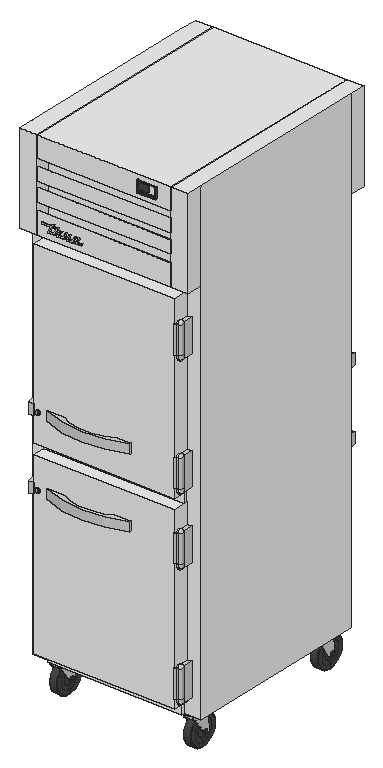
Revit family "QF_TRUE_STR1RPT-2HS-2HS-HC", category Specialty Equipment, Revit 2012 (continued)
Automatic sketch dimensions
  Extrusion 6 sketch curve to Extrusion 6 sketch curve = 0.01413"
  Extrusion 6 sketch curve to Extrusion 6 sketch curve = 0.37162"
  Extrusion 6 sketch curve to Extrusion 6 sketch curve = 0.12551"
  Extrusion 6 sketch curve to Extrusion 6 sketch curve = 0.07633"
  Extrusion 6 sketch curve to Extrusion 6 sketch curve = 0.08445"
  Extrusion 6 sketch curve to Extrusion 6 sketch curve = 0.25598"
  Extrusion 6 sketch curve to Extrusion 6 sketch curve = 0.01887"
  Extrusion 6 sketch curve to Extrusion 6 sketch curve = 0.04061"
  Extrusion 6 sketch curve to Extrusion 6 sketch curve = 0.0653"
  Extrusion 6 sketch curve to Extrusion 6 sketch curve = 0.08474"
  Extrusion 6 sketch curve to Extrusion 6 sketch curve = 0.00815"
  Extrusion 6 sketch curve to Extrusion 6 sketch curve = 0.22037"
  Extrusion 6 sketch curve to Extrusion 6 sketch curve = 0.21921"
  Extrusion 6 sketch curve to Extrusion 6 sketch curve = 0.11572"
  Extrusion 6 sketch curve to Extrusion 6 sketch curve = 0.46643"
  Extrusion 6 sketch curve to Extrusion 6 sketch curve = 0.00535"
  Extrusion 6 sketch curve to Extrusion 6 sketch curve = 0.09269"
  Extrusion 6 sketch curve to Extrusion 6 sketch curve = 0.09348"
  Extrusion 6 sketch curve to Extrusion 6 sketch curve = 0.14812"
  Extrusion 6 sketch curve to Extrusion 6 sketch curve = 0.07778"  (x3)
  Extrusion 6 sketch curve to Extrusion 6 sketch curve = 0.20054"
  Extrusion 6 sketch curve to Extrusion 6 sketch curve = 0.04325"
  Extrusion 6 sketch curve to Extrusion 6 sketch curve = 0.32433"
  Extrusion 6 sketch curve to Extrusion 6 sketch curve = 0.10233"  (x2)
  Extrusion 6 sketch curve to Extrusion 6 sketch curve = 0.16515"
  Extrusion 6 sketch curve to Extrusion 6 sketch curve = 0.27321"
  Extrusion 6 sketch curve to Extrusion 6 sketch curve = 0.0526"
  Extrusion 6 sketch curve to Extrusion 6 sketch curve = 0.10005"
  Extrusion 6 sketch curve to Extrusion 6 sketch curve = 0.06912"
  Extrusion 6 sketch curve to Extrusion 6 sketch curve = 0.13276"
  Extrusion 6 sketch curve to Extrusion 6 sketch curve = 0.17486"
  Extrusion 6 sketch curve to Extrusion 6 sketch curve = 0.05291"
  Extrusion 6 sketch curve to Extrusion 6 sketch curve = 0.53374"
  Extrusion 6 sketch curve to Extrusion 6 sketch curve = 0.09914"  (x2)
  Extrusion 6 sketch curve to Extrusion 6 sketch curve = 0.15992"
  Extrusion 6 sketch curve to Extrusion 6 sketch curve = 0.46666"
  Extrusion 6 sketch curve to Extrusion 6 sketch curve = 0.00582"
  Extrusion 6 sketch curve to Extrusion 6 sketch curve = 0.08216"
  Extrusion 6 sketch curve to Extrusion 6 sketch curve = 0.16397"
  Extrusion 6 sketch curve to Extrusion 6 sketch curve = 0.12601"
  Extrusion 6 sketch curve to Extrusion 6 sketch curve = 0.1363"
  Extrusion 6 sketch curve to Extrusion 6 sketch curve = 0.02323"
  Extrusion 6 sketch curve to Extrusion 6 sketch curve = 0.03844"
  Extrusion 6 sketch curve to Extrusion 6 sketch curve = 0.0454"
  Extrusion 6 sketch curve to Extrusion 6 sketch curve = 0.05693"
  Extrusion 6 sketch curve to Extrusion 6 sketch curve = 0.0917"
  Extrusion 6 sketch curve to Extrusion 6 sketch curve = 0.01902"
  Extrusion 6 sketch curve to Extrusion 6 sketch curve = 0.02191"
  Extrusion 6 sketch curve to Extrusion 6 sketch curve = 0.0347"
  Extrusion 6 sketch curve to Extrusion 6 sketch curve = 0.06385"
  Extrusion 6 sketch curve to Extrusion 6 sketch curve = 0.02906"
  Extrusion 6 sketch curve to Extrusion 6 sketch curve = 0.02851"
  Extrusion 6 sketch curve to Extrusion 6 sketch curve = 0.29237"
  Extrusion 6 sketch curve to Extrusion 6 sketch curve = 0.00537"
  Extrusion 6 sketch curve to Extrusion 6 sketch curve = 0.0406"
  Extrusion 6 sketch curve to Extrusion 6 sketch curve = 0.04327"
  Extrusion 6 sketch curve to Extrusion 6 sketch curve = 0.02615"
  Extrusion 6 sketch curve to Extrusion 6 sketch curve = 0.11806"
  Extrusion 6 sketch curve to Extrusion 6 sketch curve = 0.15103"
  Extrusion 6 sketch curve to Extrusion 6 sketch curve = 0.10007"
  Extrusion 6 sketch curve to Extrusion 6 sketch curve = 0.5254"
  Extrusion 6 sketch curve to Extrusion 6 sketch curve = 0.14787"
  Extrusion 6 sketch curve to plane 5 "TOP" = 13.64562"
  Extrusion 6 sketch curve to Extrusion 6 sketch curve = 0.07275"
  Extrusion 6 sketch curve to Extrusion 6 sketch curve = 0.05776"
  Extrusion 6 sketch curve to Extrusion 6 sketch curve = 0.08631"
  Extrusion 6 sketch curve to Extrusion 6 sketch curve = 0.09282"
  Extrusion 6 sketch curve to Extrusion 6 sketch curve = 0.13018"
  Extrusion 6 sketch curve to Extrusion 6 sketch curve = 0.16714"
  Extrusion 6 sketch curve to Extrusion 6 sketch curve = 0.11061"
  Extrusion 6 sketch curve to Extrusion 6 sketch curve = 0.06046"
  Extrusion 6 sketch curve to Extrusion 6 sketch curve = 0.16548"
  Extrusion 6 sketch curve to Extrusion 6 sketch curve = 0.14279"
  Extrusion 6 sketch curve to Extrusion 6 sketch curve = 0.0496"
  Extrusion 6 sketch curve to Extrusion 6 sketch curve = 0.07293"
  Extrusion 6 sketch curve to Extrusion 6 sketch curve = 0.07764"
  Extrusion 6 sketch curve to Extrusion 6 sketch curve = 0.03794"
  Extrusion 6 sketch curve to Extrusion 6 sketch curve = 0.08552"
  Extrusion 6 sketch curve to Extrusion 6 sketch curve = 0.09296"
  Extrusion 6 sketch curve to Extrusion 6 sketch curve = 0.09314"
  Extrusion 6 sketch curve to Extrusion 6 sketch curve = 0.02781"
  Extrusion 6 sketch curve to Extrusion 6 sketch curve = 0.04981"
  Extrusion 6 sketch curve to Extrusion 6 sketch curve = 0.09315"
  Extrusion 6 sketch curve to Extrusion 6 sketch curve = 0.04799"
  Extrusion 6 sketch curve to Extrusion 6 sketch curve = 0.02531"
  Extrusion 6 sketch curve to Extrusion 6 sketch curve = 0.03054"
  Extrusion 6 sketch curve to Extrusion 6 sketch curve = 0.2589"
  Extrusion 6 sketch curve to Extrusion 6 sketch curve = 0.0674"
  Extrusion 6 sketch curve to Extrusion 6 sketch curve = 0.0324"
  Extrusion 6 sketch curve to Extrusion 6 sketch curve = 0.26185"
  Extrusion 6 sketch curve to Extrusion 6 sketch curve = 11/256"
  Extrusion 6 sketch curve to Extrusion 6 sketch curve = 0.07366"
  Extrusion 6 sketch curve to Extrusion 6 sketch curve = 0.02187"
  Extrusion 6 sketch curve to Extrusion 6 sketch curve = 0.06479"
  Extrusion 6 sketch curve to Extrusion 6 sketch curve = 0.01183"
  Extrusion 6 sketch curve to Extrusion 6 sketch curve = 0.05778"
  Extrusion 6 sketch curve to Extrusion 6 sketch curve = 0.53375"
  Extrusion 6 sketch curve to Extrusion 6 sketch curve = 0.23098"
  Extrusion 6 sketch curve to Extrusion 6 sketch curve = 0"
  Extrusion 6 sketch curve to Extrusion 6 sketch curve = 0.05045"
  Extrusion 6 sketch curve to Extrusion 6 sketch curve = 0.09139"
  Extrusion 6 sketch curve to Extrusion 6 sketch curve = 29/128"  (x3)
  Extrusion 7 sketch curve to plane 3 "RIGHT" = 3 1/4"
  Extrusion 7 sketch curve to plane 5 "TOP" = 2 1/8"
  Revolve 8 sketch curve to plane 3 "RIGHT" = 4.35148"
  Revolve 8 sketch curve to Revolve 8 sketch curve = 0.48273"
  Revolve 8 sketch curve to Revolve 8 sketch curve = 0.4"
  Revolve 8 sketch curve to Revolve 8 sketch curve = 0"  (x2)
  Revolve 8 sketch curve to Revolve 8 sketch curve = 0.1"  (x2)
  Revolve 8 sketch curve to Revolve 8 sketch curve = 0.16101"
  Revolve 8 sketch curve to Revolve 8 sketch curve = 0.75408"
  Revolve 8 sketch curve to Revolve 8 sketch curve = 0.92798"
  Revolve 8 sketch curve to Revolve 8 sketch curve = 0.06101"
  Revolve 8 sketch curve to Revolve 8 sketch curve = 1/2"
  Revolve 8 sketch curve to Revolve 8 sketch curve = 0.16509"
  Revolve 8 sketch curve to Revolve 8 sketch curve = 0.39592"
  level to Revolve 8 sketch curve = 2 1/2"
  Revolve 8 sketch curve to Revolve 8 sketch curve = 0.29941"  (x2)
  Revolve 8 sketch curve to Revolve 8 sketch curve = 3/4"  (x4)
  Revolve 8 sketch curve to Revolve 8 sketch curve = 0.59652"
  Revolve 8 sketch curve to Revolve 8 sketch curve = 0.60059"
  Extrusion 9 sketch curve to plane 6 = 0.63926"  (x2)
  Extrusion 9 sketch curve to plane 4 "FRONT" = 3.79864"
  Extrusion 9 sketch curve to Extrusion 9 sketch curve = 1/4"  (x2)
  level to Extrusion 9 sketch curve = 2.18736"  (x2)
  Extrusion 9 sketch curve to Extrusion 9 sketch curve = 1.7492"  (x2)
  Extrusion 9 sketch curve to Extrusion 9 sketch curve = 0.50669"  (x2)
  Extrusion 9 sketch curve to Extrusion 9 sketch curve = 2 1/2"  (x2)
  level to Extrusion 9 sketch curve = 2.59003"  (x2)
  Extrusion 9 sketch curve to Extrusion 9 sketch curve = 0.59966"  (x2)
  plane 8 to Extrusion 9 sketch curve = 6.82645"
  Extrusion 9 sketch curve to Extrusion 9 sketch curve = 0.60485"  (x2)
  Extrusion 10 sketch curve to plane 6 = 0.63926"  (x2)
  Extrusion 10 sketch curve to plane 4 "FRONT" = 3.79864"
  Extrusion 10 sketch curve to Extrusion 10 sketch curve = 1/4"  (x2)
  level to Extrusion 10 sketch curve = 2.18736"  (x2)
  Extrusion 10 sketch curve to Extrusion 10 sketch curve = 1.7492"  (x2)
  Extrusion 10 sketch curve to Extrusion 10 sketch curve = 0.50669"  (x2)
  Extrusion 10 sketch curve to Extrusion 10 sketch curve = 2 1/2"  (x2)
  level to Extrusion 10 sketch curve = 2.59003"  (x2)
  Extrusion 10 sketch curve to Extrusion 10 sketch curve = 0.59966"  (x2)
  plane 8 to Extrusion 10 sketch curve = 6.82645"
  Extrusion 10 sketch curve to Extrusion 10 sketch curve = 0.60485"  (x2)
  Revolve 11 sketch curve to plane 6 = 0.62954"
  Revolve 11 sketch curve to plane 3 "RIGHT" = 4.14082"
  Revolve 11 sketch curve to Revolve 11 sketch curve = 1.29707"
  Revolve 11 sketch curve to Revolve 11 sketch curve = 0"
  Revolve 11 sketch curve to Revolve 11 sketch curve = 0.10278"
  Revolve 11 sketch curve to plane 6 = 0.00141"
  plane 6 to Revolve 11 sketch curve = 0.26768"
  Revolve 12 sketch curve to level = 0"
  Revolve 12 sketch curve to plane 6 = 0"
  Revolve 12 sketch curve to plane 3 "RIGHT" = 4.17713"
  level to Revolve 12 sketch curve = 1"
  Revolve 12 sketch curve to plane 3 "RIGHT" = 3 19/32"
  Revolve 12 sketch curve to Revolve 12 sketch curve = 1/4"
  Revolve 12 sketch curve to Revolve 12 sketch curve = 1/2"
  Revolve 12 sketch curve to Revolve 12 sketch curve = 0"
  Revolve 12 sketch curve to Revolve 12 sketch curve = 5/8"
  plane 6 to Revolve 12 sketch curve = 1 25/32"
  Revolve 13 sketch curve to level = 0"
  Revolve 13 sketch curve to plane 6 = 0"
  Revolve 13 sketch curve to plane 3 "RIGHT" = 4.17713"
  level to Revolve 13 sketch curve = 1"
  Revolve 13 sketch curve to plane 3 "RIGHT" = 3 19/32"
  Revolve 13 sketch curve to Revolve 13 sketch curve = 1/4"
  Revolve 13 sketch curve to Revolve 13 sketch curve = 1/2"
  Revolve 13 sketch curve to Revolve 13 sketch curve = 0"
  Revolve 13 sketch curve to Revolve 13 sketch curve = 5/8"
  plane 6 to Revolve 13 sketch curve = 1 25/32"
  Revolve 14 sketch curve to plane 6 = 0.62954"
  Revolve 14 sketch curve to plane 3 "RIGHT" = 4.14082"
  Revolve 14 sketch curve to Revolve 14 sketch curve = 1.29707"
  Revolve 14 sketch curve to Revolve 14 sketch curve = 0"
  Revolve 14 sketch curve to Revolve 14 sketch curve = 0.10278"
  Revolve 14 sketch curve to plane 6 = 0.00141"
  plane 6 to Revolve 14 sketch curve = 0.26768"
  Extrusion 15 sketch curve to plane 6 = 0.63926"  (x2)
  Extrusion 15 sketch curve to plane 4 "FRONT" = 3.79864"
  Extrusion 15 sketch curve to Extrusion 15 sketch curve = 1/4"  (x2)
  Extrusion 15 sketch curve to Extrusion 15 sketch curve = 2 1/2"  (x2)
  Extrusion 15 sketch curve to plane 6 = 0.93273"  (x2)
  Extrusion 15 sketch curve to Extrusion 15 sketch curve = 0.03603"
  plane 8 to Extrusion 15 sketch curve = 6.82645"
  Extrusion 15 sketch curve to plane 6 = 1.24411"
  plane 2 "LEFT" to Revolve 16 sketch curve = 1.33602"
  Revolve 16 sketch curve to Revolve 16 sketch curve = 0.48273"
  Revolve 16 sketch curve to Revolve 16 sketch curve = 0.4"
  Revolve 16 sketch curve to Revolve 16 sketch curve = 0"  (x2)
  Revolve 16 sketch curve to Revolve 16 sketch curve = 0.1"  (x2)
  Revolve 16 sketch curve to Revolve 16 sketch curve = 0.16101"
  Revolve 16 sketch curve to Revolve 16 sketch curve = 0.75408"
  Revolve 16 sketch curve to Revolve 16 sketch curve = 0.92798"
  Revolve 16 sketch curve to Revolve 16 sketch curve = 0.06101"
  Revolve 16 sketch curve to Revolve 16 sketch curve = 1/2"
  Revolve 16 sketch curve to Revolve 16 sketch curve = 0.16509"
  Revolve 16 sketch curve to Revolve 16 sketch curve = 0.39592"
  level to Revolve 16 sketch curve = 2 1/2"
  Revolve 16 sketch curve to Revolve 16 sketch curve = 0.29941"  (x2)
  Revolve 16 sketch curve to Revolve 16 sketch curve = 3/4"  (x4)
  Revolve 16 sketch curve to Revolve 16 sketch curve = 0.59652"
  Revolve 16 sketch curve to Revolve 16 sketch curve = 0.60059"
  Extrusion 17 sketch curve to plane 6 = 0.63926"  (x2)
  Extrusion 17 sketch curve to plane 4 "FRONT" = 3.79864"
  Extrusion 17 sketch curve to Extrusion 17 sketch curve = 1/4"  (x2)
  level to Extrusion 17 sketch curve = 2.18736"  (x2)
  Extrusion 17 sketch curve to Extrusion 17 sketch curve = 1.7492"  (x2)
  Extrusion 17 sketch curve to Extrusion 17 sketch curve = 0.50669"  (x2)
  Extrusion 17 sketch curve to Extrusion 17 sketch curve = 2 1/2"  (x2)
  level to Extrusion 17 sketch curve = 2.59003"  (x2)
  Extrusion 17 sketch curve to Extrusion 17 sketch curve = 0.59966"  (x2)
  plane 8 to Extrusion 17 sketch curve = 6.82645"
  Extrusion 17 sketch curve to Extrusion 17 sketch curve = 0.60485"  (x2)
  Extrusion 18 sketch curve to plane 6 = 0.63926"  (x2)
  Extrusion 18 sketch curve to plane 4 "FRONT" = 3.79864"
  Extrusion 18 sketch curve to Extrusion 18 sketch curve = 1/4"  (x2)
  level to Extrusion 18 sketch curve = 2.18736"  (x2)
  Extrusion 18 sketch curve to Extrusion 18 sketch curve = 1.7492"  (x2)
  Extrusion 18 sketch curve to Extrusion 18 sketch curve = 0.50669"  (x2)
  Extrusion 18 sketch curve to Extrusion 18 sketch curve = 2 1/2"  (x2)
  level to Extrusion 18 sketch curve = 2.59003"  (x2)
  Extrusion 18 sketch curve to Extrusion 18 sketch curve = 0.59966"  (x2)
  plane 8 to Extrusion 18 sketch curve = 6.82645"
  Extrusion 18 sketch curve to Extrusion 18 sketch curve = 0.60485"  (x2)
  Revolve 19 sketch curve to plane 6 = 0.62954"
  plane 2 "LEFT" to Revolve 19 sketch curve = 1.54668"
  Revolve 19 sketch curve to Revolve 19 sketch curve = 1.29707"
  Revolve 19 sketch curve to Revolve 19 sketch curve = 0"
  Revolve 19 sketch curve to Revolve 19 sketch curve = 0.10278"
  Revolve 19 sketch curve to plane 6 = 0.00141"
  plane 6 to Revolve 19 sketch curve = 0.26768"
  Revolve 20 sketch curve to level = 0"
  Revolve 20 sketch curve to plane 6 = 0"
  plane 2 "LEFT" to Revolve 20 sketch curve = 1.51037"
  level to Revolve 20 sketch curve = 1"
  plane 2 "LEFT" to Revolve 20 sketch curve = 2 3/32"
  Revolve 20 sketch curve to Revolve 20 sketch curve = 1/4"
  Revolve 20 sketch curve to Revolve 20 sketch curve = 1/2"
  Revolve 20 sketch curve to Revolve 20 sketch curve = 0"
  Revolve 20 sketch curve to Revolve 20 sketch curve = 5/8"
  plane 6 to Revolve 20 sketch curve = 1 25/32"
  Revolve 21 sketch curve to level = 0"
  Revolve 21 sketch curve to plane 6 = 0"
  plane 2 "LEFT" to Revolve 21 sketch curve = 1.51037"
  level to Revolve 21 sketch curve = 1"
  plane 2 "LEFT" to Revolve 21 sketch curve = 2 3/32"
  Revolve 21 sketch curve to Revolve 21 sketch curve = 1/4"
  Revolve 21 sketch curve to Revolve 21 sketch curve = 1/2"
  Revolve 21 sketch curve to Revolve 21 sketch curve = 0"
  Revolve 21 sketch curve to Revolve 21 sketch curve = 5/8"
  plane 6 to Revolve 21 sketch curve = 1 25/32"
  Revolve 22 sketch curve to plane 6 = 0.62954"
  plane 2 "LEFT" to Revolve 22 sketch curve = 1.54668"
  Revolve 22 sketch curve to Revolve 22 sketch curve = 1.29707"
  Revolve 22 sketch curve to Revolve 22 sketch curve = 0"
  Revolve 22 sketch curve to Revolve 22 sketch curve = 0.10278"
  Revolve 22 sketch curve to plane 6 = 0.00141"
  plane 6 to Revolve 22 sketch curve = 0.26768"
  Extrusion 23 sketch curve to plane 6 = 0.63926"  (x2)
  Extrusion 23 sketch curve to plane 4 "FRONT" = 3.79864"
  Extrusion 23 sketch curve to Extrusion 23 sketch curve = 1/4"  (x2)
  Extrusion 23 sketch curve to Extrusion 23 sketch curve = 2 1/2"  (x2)
  Extrusion 23 sketch curve to plane 6 = 0.93273"  (x2)
  Extrusion 23 sketch curve to Extrusion 23 sketch curve = 0.03603"
  plane 8 to Extrusion 23 sketch curve = 6.82645"
  Extrusion 23 sketch curve to plane 6 = 1.24411"
  Extrusion 24 sketch curve to plane 3 "RIGHT" = 2 55/64"
  Extrusion 24 sketch curve to plane 3 "RIGHT" = 3/64"
  plane 8 to Extrusion 24 sketch curve = 2 3/4"
  plane 8 to Extrusion 24 sketch curve = 3/16"
  plane 2 "LEFT" to Extrusion 25 sketch curve = 3/64"
  plane 8 to Extrusion 25 sketch curve = 3/16"
  Extrusion 25 sketch curve to Extrusion 25 sketch curve = 2 13/16"
  Extrusion 25 sketch curve to Extrusion 25 sketch curve = 2 9/16"
  plane 8 to Extrusion 26 sketch curve = 0.60979"
  Extrusion 26 sketch curve to Extrusion 26 sketch curve = 0.43503"
  Extrusion 26 sketch curve to Extrusion 26 sketch curve = 0.20453"
  Extrusion 26 sketch curve to Extrusion 26 sketch curve = 1.50065"
  Extrusion 26 sketch curve to plane 5 "TOP" = 19.57271"
  Extrusion 26 sketch curve to Extrusion 26 sketch curve = 4.39928"
  Extrusion 26 sketch curve to Extrusion 26 sketch curve = 0.71221"
  plane 8 to Revolve 27 sketch curve = 3/16"  (x2)
  Revolve 27 sketch curve to Revolve 27 sketch curve = 0.38242"
  Revolve 27 sketch curve to Revolve 27 sketch curve = 0.38436"
  plane 8 to Revolve 27 sketch curve = 0.59416"
  Revolve 27 sketch curve to Revolve 27 sketch curve = 0.40666"
  Revolve 27 sketch curve to Revolve 27 sketch curve = 0"
  Revolve 27 sketch curve to plane 5 "TOP" = 18.75492"
  Revolve 27 sketch curve to Revolve 27 sketch curve = 0.55526"
  Revolve 27 sketch curve to Revolve 27 sketch curve = 0.19474"
  Revolve 27 sketch curve to Revolve 27 sketch curve = 0.14649"
  Revolve 27 sketch curve to Revolve 27 sketch curve = 4.42889"
  Revolve 27 sketch curve to Revolve 27 sketch curve = 0.05342"
  Revolve 27 sketch curve to Revolve 27 sketch curve = 0.51246"
  Revolve 27 sketch curve to Revolve 27 sketch curve = 0.05889"
  plane 2 "LEFT" to Extrusion 28 sketch curve = 1.88366"
  Extrusion 28 sketch curve to Extrusion 28 sketch curve = 0.39759"
  Extrusion 28 sketch curve to plane 5 "TOP" = 19.6514"
  Extrusion 28 sketch curve to Extrusion 28 sketch curve = 4.47281"
  plane 8 to Extrusion 29 sketch curve = 0.60979"
  Extrusion 29 sketch curve to Extrusion 29 sketch curve = 0.43503"
  Extrusion 29 sketch curve to Extrusion 29 sketch curve = 0.20453"
  Extrusion 29 sketch curve to Extrusion 29 sketch curve = 1.50065"
  plane 6 to Extrusion 29 sketch curve = 38.92729"
  Extrusion 29 sketch curve to Extrusion 29 sketch curve = 4.39928"
  Extrusion 29 sketch curve to Extrusion 29 sketch curve = 0.71221"
  plane 8 to Revolve 30 sketch curve = 3/16"  (x2)
  Revolve 30 sketch curve to Revolve 30 sketch curve = 0.38242"
  Revolve 30 sketch curve to Revolve 30 sketch curve = 0.38436"
  plane 8 to Revolve 30 sketch curve = 0.59416"
  Revolve 30 sketch curve to Revolve 30 sketch curve = 0.40666"
  Revolve 30 sketch curve to Revolve 30 sketch curve = 0"
  Revolve 30 sketch curve to plane 5 "TOP" = 38.25492"
  Revolve 30 sketch curve to Revolve 30 sketch curve = 0.55526"
  Revolve 30 sketch curve to Revolve 30 sketch curve = 0.19474"
  Revolve 30 sketch curve to Revolve 30 sketch curve = 0.14649"
  Revolve 30 sketch curve to Revolve 30 sketch curve = 4.42889"
  Revolve 30 sketch curve to Revolve 30 sketch curve = 0.05342"
  Revolve 30 sketch curve to Revolve 30 sketch curve = 0.51246"
  Revolve 30 sketch curve to Revolve 30 sketch curve = 0.05889"
  plane 2 "LEFT" to Extrusion 31 sketch curve = 1.88366"
  Extrusion 31 sketch curve to Extrusion 31 sketch curve = 0.39759"
  plane 6 to Extrusion 31 sketch curve = 38.8486"
  Extrusion 31 sketch curve to Extrusion 31 sketch curve = 4.47281"
  plane 8 to Extrusion 32 sketch curve = 0.60979"
  Extrusion 32 sketch curve to Extrusion 32 sketch curve = 0.43503"
  Extrusion 32 sketch curve to Extrusion 32 sketch curve = 0.20453"
  Extrusion 32 sketch curve to Extrusion 32 sketch curve = 1.50065"
  plane 6 to Extrusion 32 sketch curve = 27.92729"
  Extrusion 32 sketch curve to Extrusion 32 sketch curve = 4.39928"
  Extrusion 32 sketch curve to Extrusion 32 sketch curve = 0.71221"
  plane 8 to Revolve 33 sketch curve = 3/16"  (x2)
  Revolve 33 sketch curve to Revolve 33 sketch curve = 0.38242"
  Revolve 33 sketch curve to Revolve 33 sketch curve = 0.38436"
  plane 8 to Revolve 33 sketch curve = 0.59416"
  Revolve 33 sketch curve to Revolve 33 sketch curve = 0.40666"
  Revolve 33 sketch curve to Revolve 33 sketch curve = 0"
  plane 6 to Revolve 33 sketch curve = 28.74508"
  Revolve 33 sketch curve to Revolve 33 sketch curve = 0.55526"
  Revolve 33 sketch curve to Revolve 33 sketch curve = 0.19474"
  Revolve 33 sketch curve to Revolve 33 sketch curve = 0.14649"
  Revolve 33 sketch curve to Revolve 33 sketch curve = 4.42889"
  Revolve 33 sketch curve to Revolve 33 sketch curve = 0.05342"
  Revolve 33 sketch curve to Revolve 33 sketch curve = 0.51246"
  Revolve 33 sketch curve to Revolve 33 sketch curve = 0.05889"
  plane 2 "LEFT" to Extrusion 34 sketch curve = 1.88366"
  Extrusion 34 sketch curve to Extrusion 34 sketch curve = 0.39759"
  plane 6 to Extrusion 34 sketch curve = 27.8486"
  Extrusion 34 sketch curve to Extrusion 34 sketch curve = 4.47281"
  plane 8 to Extrusion 35 sketch curve = 0.60979"
  Extrusion 35 sketch curve to Extrusion 35 sketch curve = 0.43503"
  Extrusion 35 sketch curve to Extrusion 35 sketch curve = 0.20453"
  Extrusion 35 sketch curve to Extrusion 35 sketch curve = 1.50065"
  plane 6 to Extrusion 35 sketch curve = 8.17729"
  plane 6 to Extrusion 35 sketch curve = 3.57348"
  Extrusion 35 sketch curve to Extrusion 35 sketch curve = 0.75105"
  plane 8 to Revolve 36 sketch curve = 3/16"  (x2)
  Revolve 36 sketch curve to Revolve 36 sketch curve = 0.38242"
  Revolve 36 sketch curve to Revolve 36 sketch curve = 0.38436"
  plane 8 to Revolve 36 sketch curve = 0.59416"
  Revolve 36 sketch curve to Revolve 36 sketch curve = 0.40666"
  Revolve 36 sketch curve to Revolve 36 sketch curve = 0"
  plane 6 to Revolve 36 sketch curve = 8.99508"
  Revolve 36 sketch curve to Revolve 36 sketch curve = 0.55526"
  Revolve 36 sketch curve to Revolve 36 sketch curve = 0.19474"
  Revolve 36 sketch curve to Revolve 36 sketch curve = 0.14649"
  plane 6 to Revolve 36 sketch curve = 3.62689"
  Revolve 36 sketch curve to Revolve 36 sketch curve = 0.05342"
  Revolve 36 sketch curve to Revolve 36 sketch curve = 0.51246"
  Revolve 36 sketch curve to Revolve 36 sketch curve = 0.05889"
  plane 2 "LEFT" to Extrusion 37 sketch curve = 1.88366"
  Extrusion 37 sketch curve to Extrusion 37 sketch curve = 0.39759"
  plane 6 to Extrusion 37 sketch curve = 8.0986"
  plane 6 to Extrusion 37 sketch curve = 3.62579"
  plane 2 "LEFT" to Extrusion 38 sketch curve = 2 9/32"
  Extrusion 38 sketch curve to Extrusion 38 sketch curve = 0"
  Extrusion 38 sketch curve to plane 3 "RIGHT" = 2 9/32"  (x2)
  plane 6 to Extrusion 38 sketch curve = 1 29/32"
  Extrusion 38 sketch curve to Extrusion 38 sketch curve = 29 1/8"
  Extrusion 38 sketch curve to Extrusion 38 sketch curve = 1 11/16"
  Extrusion 38 sketch curve to plane 5 "TOP" = 16 5/32"
  Extrusion 39 sketch curve to plane 4 "FRONT" = 0.60979"
  Extrusion 39 sketch curve to Extrusion 39 sketch curve = 0.43503"
  Extrusion 39 sketch curve to Extrusion 39 sketch curve = 0.20453"
  Extrusion 39 sketch curve to Extrusion 39 sketch curve = 1.50065"
  Extrusion 39 sketch curve to plane 5 "TOP" = 19.66646"
  Extrusion 39 sketch curve to Extrusion 39 sketch curve = 4.39928"
  Extrusion 39 sketch curve to Extrusion 39 sketch curve = 0.71221"
  Revolve 40 sketch curve to plane 4 "FRONT" = 3/8"  (x2)
  Revolve 40 sketch curve to Revolve 40 sketch curve = 0.38242"
  Revolve 40 sketch curve to Revolve 40 sketch curve = 0.38436"
  Revolve 40 sketch curve to plane 4 "FRONT" = 0.78166"
  Revolve 40 sketch curve to Revolve 40 sketch curve = 0.40666"
  Revolve 40 sketch curve to Revolve 40 sketch curve = 0"
  Revolve 40 sketch curve to plane 5 "TOP" = 18.84867"
  Revolve 40 sketch curve to Revolve 40 sketch curve = 0.55526"
  Revolve 40 sketch curve to Revolve 40 sketch curve = 0.19474"
  Revolve 40 sketch curve to Revolve 40 sketch curve = 0.14649"
  Revolve 40 sketch curve to Revolve 40 sketch curve = 4.42889"
  Revolve 40 sketch curve to Revolve 40 sketch curve = 0.05342"
  Revolve 40 sketch curve to Revolve 40 sketch curve = 0.51246"
  Revolve 40 sketch curve to Revolve 40 sketch curve = 0.05889"
  Extrusion 41 sketch curve to plane 3 "RIGHT" = 1.88366"
  Extrusion 41 sketch curve to Extrusion 41 sketch curve = 0.39759"
  Extrusion 41 sketch curve to plane 5 "TOP" = 19.74515"
  Extrusion 41 sketch curve to Extrusion 41 sketch curve = 4.47281"
  Extrusion 42 sketch curve to plane 4 "FRONT" = 0.60979"
  Extrusion 42 sketch curve to Extrusion 42 sketch curve = 0.43503"
  Extrusion 42 sketch curve to Extrusion 42 sketch curve = 0.20453"
  Extrusion 42 sketch curve to Extrusion 42 sketch curve = 1.50065"
  plane 6 to Extrusion 42 sketch curve = 38.83354"
  Extrusion 42 sketch curve to Extrusion 42 sketch curve = 4.39928"
  Extrusion 42 sketch curve to Extrusion 42 sketch curve = 0.71221"
  Revolve 43 sketch curve to plane 4 "FRONT" = 3/8"  (x2)
  Revolve 43 sketch curve to Revolve 43 sketch curve = 0.38242"
  Revolve 43 sketch curve to Revolve 43 sketch curve = 0.38436"
  Revolve 43 sketch curve to plane 4 "FRONT" = 0.78166"
  Revolve 43 sketch curve to Revolve 43 sketch curve = 0.40666"
  Revolve 43 sketch curve to Revolve 43 sketch curve = 0"
  Revolve 43 sketch curve to plane 5 "TOP" = 38.34867"
  Revolve 43 sketch curve to Revolve 43 sketch curve = 0.55526"
  Revolve 43 sketch curve to Revolve 43 sketch curve = 0.19474"
  Revolve 43 sketch curve to Revolve 43 sketch curve = 0.14649"
  Revolve 43 sketch curve to Revolve 43 sketch curve = 4.42889"
  Revolve 43 sketch curve to Revolve 43 sketch curve = 0.05342"
  Revolve 43 sketch curve to Revolve 43 sketch curve = 0.51246"
  Revolve 43 sketch curve to Revolve 43 sketch curve = 0.05889"
  Extrusion 44 sketch curve to plane 3 "RIGHT" = 1.88366"
  Extrusion 44 sketch curve to Extrusion 44 sketch curve = 0.39759"
  plane 6 to Extrusion 44 sketch curve = 38.75485"
  Extrusion 44 sketch curve to Extrusion 44 sketch curve = 4.47281"
  Extrusion 45 sketch curve to plane 4 "FRONT" = 0.60979"
  Extrusion 45 sketch curve to Extrusion 45 sketch curve = 0.43503"
  Extrusion 45 sketch curve to Extrusion 45 sketch curve = 0.20453"
  Extrusion 45 sketch curve to Extrusion 45 sketch curve = 1.50065"
  plane 6 to Extrusion 45 sketch curve = 27.83354"
  Extrusion 45 sketch curve to Extrusion 45 sketch curve = 4.39928"
  Extrusion 45 sketch curve to Extrusion 45 sketch curve = 0.71221"
  Revolve 46 sketch curve to plane 4 "FRONT" = 3/8"  (x2)
  Revolve 46 sketch curve to Revolve 46 sketch curve = 0.38242"
  Revolve 46 sketch curve to Revolve 46 sketch curve = 0.38436"
  Revolve 46 sketch curve to plane 4 "FRONT" = 0.78166"
  Revolve 46 sketch curve to Revolve 46 sketch curve = 0.40666"
  Revolve 46 sketch curve to Revolve 46 sketch curve = 0"
  plane 6 to Revolve 46 sketch curve = 28.65133"
  Revolve 46 sketch curve to Revolve 46 sketch curve = 0.55526"
  Revolve 46 sketch curve to Revolve 46 sketch curve = 0.19474"
  Revolve 46 sketch curve to Revolve 46 sketch curve = 0.14649"
  Revolve 46 sketch curve to Revolve 46 sketch curve = 4.42889"
  Revolve 46 sketch curve to Revolve 46 sketch curve = 0.05342"
  Revolve 46 sketch curve to Revolve 46 sketch curve = 0.51246"
  Revolve 46 sketch curve to Revolve 46 sketch curve = 0.05889"
  Extrusion 47 sketch curve to plane 3 "RIGHT" = 1.88366"
  Extrusion 47 sketch curve to Extrusion 47 sketch curve = 0.39759"
  plane 6 to Extrusion 47 sketch curve = 27.75485"
  Extrusion 47 sketch curve to Extrusion 47 sketch curve = 4.47281"
  Extrusion 48 sketch curve to plane 4 "FRONT" = 0.60979"
  Extrusion 48 sketch curve to Extrusion 48 sketch curve = 0.43503"
  Extrusion 48 sketch curve to Extrusion 48 sketch curve = 0.20453"
  Extrusion 48 sketch curve to Extrusion 48 sketch curve = 1.50065"
  plane 6 to Extrusion 48 sketch curve = 8.08354"
  plane 6 to Extrusion 48 sketch curve = 3.47973"
  Extrusion 48 sketch curve to Extrusion 48 sketch curve = 0.71221"
  Revolve 49 sketch curve to plane 4 "FRONT" = 3/8"  (x2)
  Revolve 49 sketch curve to Revolve 49 sketch curve = 0.38242"
  Revolve 49 sketch curve to Revolve 49 sketch curve = 0.38436"
  Revolve 49 sketch curve to plane 4 "FRONT" = 0.78166"
  Revolve 49 sketch curve to Revolve 49 sketch curve = 0.40666"
  Revolve 49 sketch curve to Revolve 49 sketch curve = 0"
  plane 6 to Revolve 49 sketch curve = 8.90133"
  Revolve 49 sketch curve to Revolve 49 sketch curve = 0.55526"
  Revolve 49 sketch curve to Revolve 49 sketch curve = 0.19474"
  Revolve 49 sketch curve to Revolve 49 sketch curve = 0.14649"
  plane 6 to Revolve 49 sketch curve = 3.53314"
  Revolve 49 sketch curve to Revolve 49 sketch curve = 0.05342"
  Revolve 49 sketch curve to Revolve 49 sketch curve = 0.51246"
  Revolve 49 sketch curve to Revolve 49 sketch curve = 0.05889"
  Extrusion 50 sketch curve to plane 3 "RIGHT" = 1.88366"
  Extrusion 50 sketch curve to Extrusion 50 sketch curve = 0.39759"
  plane 6 to Extrusion 50 sketch curve = 8.00485"
  plane 6 to Extrusion 50 sketch curve = 3.53204"
  plane 2 "LEFT" to Extrusion 51 sketch curve = 3.0734"
  Extrusion 51 sketch curve to Extrusion 51 sketch curve = 0.02035"
  Extrusion 51 sketch curve to Extrusion 51 sketch curve = 0.0555"
  plane 6 to Extrusion 51 sketch curve = 25.91365"
  Extrusion 51 sketch curve to Extrusion 51 sketch curve = 0.27385"
  Extrusion 51 sketch curve to Extrusion 51 sketch curve = 0.29355"
  plane 2 "LEFT" to Blend 52 sketch curve = 2 9/32"  (x2)
  Blend 52 sketch curve to Blend 52 sketch curve = 3/4"
  plane 6 to Blend 52 sketch curve = 27.00831"
  Blend 52 sketch curve to Blend 52 sketch curve = 1 3/4"
  Blend 52 sketch curve to Blend 52 sketch curve = 0.93223"
  plane 6 to Blend 52 sketch curve = 27.6059"
  Blend 52 sketch curve to Blend 52 sketch curve = 2.78233"
  Extrusion 53 sketch curve to plane 4 "FRONT" = 3/16"  (x2)
  plane 2 "LEFT" to Extrusion 53 sketch curve = 4 9/16"
  Extrusion 53 sketch curve to Extrusion 53 sketch curve = 2.37851"  (x2)
  Extrusion 53 sketch curve to Extrusion 53 sketch curve = 4.42149"
  Extrusion 53 sketch curve to Extrusion 53 sketch curve = 0"
  plane 4 "FRONT" to Extrusion 53 sketch curve = 0.0247"
  Extrusion 53 sketch curve to plane 4 "FRONT" = 7.95429"
  Extrusion 53 sketch curve to Extrusion 53 sketch curve = 7.30945"
  plane 2 "LEFT" to Extrusion 54 sketch curve = 2 9/32"
  Extrusion 54 sketch curve to plane 3 "RIGHT" = 2 9/32"
  plane 6 to Extrusion 54 sketch curve = 31 1/32"
  Extrusion 54 sketch curve to Extrusion 54 sketch curve = 1 11/16"
  Extrusion 55 sketch curve to plane 5 "TOP" = 2.55982"
  Extrusion 55 sketch curve to plane 3 "RIGHT" = 8.1621"
  Extrusion 55 sketch curve to Extrusion 55 sketch curve = 2 29/32"
  Extrusion 55 sketch curve to plane 5 "TOP" = 13/16"
  Extrusion 56 sketch curve to plane 5 "TOP" = 3/4"
  Extrusion 56 sketch curve to plane 3 "RIGHT" = 8.2246"
  Extrusion 56 sketch curve to Extrusion 56 sketch curve = 1/16"  (x4)
  Extrusion 56 sketch curve to Extrusion 56 sketch curve = 0.1375"  (x2)
  Extrusion 56 sketch curve to Extrusion 56 sketch curve = 1/4"  (x4)
  Extrusion 56 sketch curve to Extrusion 56 sketch curve = 0.44601"
  Extrusion 56 sketch curve to Extrusion 56 sketch curve = 1/2"  (x2)
  Extrusion 56 sketch curve to Extrusion 56 sketch curve = 0.0035"
  Extrusion 56 sketch curve to Extrusion 56 sketch curve = 1.06923"
  Extrusion 56 sketch curve to plane 5 "TOP" = 0.95"
  Extrusion 56 sketch curve to Extrusion 56 sketch curve = 1"
  Extrusion 56 sketch curve to Extrusion 56 sketch curve = 0.34106"  (x3)
  Extrusion 56 sketch curve to Extrusion 56 sketch curve = 0"
  Extrusion 56 sketch curve to Extrusion 56 sketch curve = 0.26876"
  plane 2 "LEFT" to Extrusion 57 sketch curve = 3.0734"
  Extrusion 57 sketch curve to Extrusion 57 sketch curve = 0.02035"
  Extrusion 57 sketch curve to Extrusion 57 sketch curve = 0.0555"
  plane 6 to Extrusion 57 sketch curve = 37.26895"
  Extrusion 57 sketch curve to Extrusion 57 sketch curve = 0.29355"
  Extrusion 57 sketch curve to Extrusion 57 sketch curve = 0.27385"
  plane 2 "LEFT" to Blend 58 sketch curve = 2 9/32"  (x2)
  Blend 58 sketch curve to Blend 58 sketch curve = 3/4"
  plane 6 to Blend 58 sketch curve = 38.49169"
  Blend 58 sketch curve to Blend 58 sketch curve = 1 3/4"
  Blend 58 sketch curve to Blend 58 sketch curve = 0.93223"
  plane 6 to Blend 58 sketch curve = 38.92643"
  Blend 58 sketch curve to Blend 58 sketch curve = 2.78233"
  Extrusion 59 sketch curve to plane 4 "FRONT" = 3/16"  (x2)
  plane 2 "LEFT" to Extrusion 59 sketch curve = 4 9/16"
  Extrusion 59 sketch curve to Extrusion 59 sketch curve = 2.37851"  (x2)
  Extrusion 59 sketch curve to Extrusion 59 sketch curve = 4.42149"
  Extrusion 59 sketch curve to Extrusion 59 sketch curve = 0"
  plane 4 "FRONT" to Extrusion 59 sketch curve = 0.0247"
  Extrusion 59 sketch curve to plane 4 "FRONT" = 7.95429"
  Extrusion 59 sketch curve to Extrusion 59 sketch curve = 7.30945"
  Revolve 60 sketch curve to plane 3 "RIGHT" = 4.35148"
  Revolve 60 sketch curve to Revolve 60 sketch curve = 0.48273"
  Revolve 60 sketch curve to Revolve 60 sketch curve = 0.4"
  Revolve 60 sketch curve to Revolve 60 sketch curve = 0"  (x2)
  Revolve 60 sketch curve to Revolve 60 sketch curve = 0.1"  (x2)
  Revolve 60 sketch curve to Revolve 60 sketch curve = 0.16101"
  Revolve 60 sketch curve to Revolve 60 sketch curve = 0.75408"
  Revolve 60 sketch curve to Revolve 60 sketch curve = 0.92798"
  Revolve 60 sketch curve to Revolve 60 sketch curve = 0.06101"
  Revolve 60 sketch curve to Revolve 60 sketch curve = 1/2"
  Revolve 60 sketch curve to Revolve 60 sketch curve = 0.16509"
  Revolve 60 sketch curve to Revolve 60 sketch curve = 0.39592"
  level to Revolve 60 sketch curve = 2 1/2"
  Revolve 60 sketch curve to Revolve 60 sketch curve = 0.29941"  (x2)
  Revolve 60 sketch curve to Revolve 60 sketch curve = 3/4"  (x4)
  Revolve 60 sketch curve to Revolve 60 sketch curve = 0.59652"
  Revolve 60 sketch curve to Revolve 60 sketch curve = 0.60059"
  plane 2 "LEFT" to Revolve 61 sketch curve = 1.33602"
  Revolve 61 sketch curve to Revolve 61 sketch curve = 0.48273"
  Revolve 61 sketch curve to Revolve 61 sketch curve = 0.4"
  Revolve 61 sketch curve to Revolve 61 sketch curve = 0"  (x2)
  Revolve 61 sketch curve to Revolve 61 sketch curve = 0.1"  (x2)
  Revolve 61 sketch curve to Revolve 61 sketch curve = 0.16101"
  Revolve 61 sketch curve to Revolve 61 sketch curve = 0.75408"
  Revolve 61 sketch curve to Revolve 61 sketch curve = 0.92798"
  Revolve 61 sketch curve to Revolve 61 sketch curve = 0.06101"
  Revolve 61 sketch curve to Revolve 61 sketch curve = 1/2"
  Revolve 61 sketch curve to Revolve 61 sketch curve = 0.16509"
  Revolve 61 sketch curve to Revolve 61 sketch curve = 0.39592"
  level to Revolve 61 sketch curve = 2 1/2"
  Revolve 61 sketch curve to Revolve 61 sketch curve = 0.29941"  (x2)
  Revolve 61 sketch curve to Revolve 61 sketch curve = 3/4"  (x4)
  Revolve 61 sketch curve to Revolve 61 sketch curve = 0.59652"
  Revolve 61 sketch curve to Revolve 61 sketch curve = 0.60059"
  Extrusion 62 sketch curve to plane 9 = 0"
  Extrusion 62 sketch curve to plane 4 "FRONT" = 0.29154"
  Extrusion 62 sketch curve to plane 3 "RIGHT" = 1.89296"
  Extrusion 62 sketch curve to plane 3 "RIGHT" = 2 9/32"
  Extrusion 62 sketch curve to plane 4 "FRONT" = 3/16"
  Extrusion 63 sketch curve to plane 9 = 0"
  Extrusion 63 sketch curve to plane 4 "FRONT" = 0.29154"
  Extrusion 63 sketch curve to plane 3 "RIGHT" = 1.89296"
  Extrusion 63 sketch curve to plane 3 "RIGHT" = 2 9/32"
  Extrusion 63 sketch curve to plane 4 "FRONT" = 3/16"
  Extrusion 64 sketch curve to plane 3 "RIGHT" = 2 9/32"
  Extrusion 64 sketch curve to Extrusion 64 sketch curve = 0"
  plane 2 "LEFT" to Extrusion 64 sketch curve = 2 9/32"  (x2)
  plane 6 to Extrusion 64 sketch curve = 1 29/32"
  Extrusion 64 sketch curve to Extrusion 64 sketch curve = 29 1/8"
  Extrusion 64 sketch curve to Extrusion 64 sketch curve = 1 11/16"
  Extrusion 64 sketch curve to plane 5 "TOP" = 16 5/32"
  Extrusion 65 sketch curve to plane 3 "RIGHT" = 3.0734"
  Extrusion 65 sketch curve to Extrusion 65 sketch curve = 0.02035"
  Extrusion 65 sketch curve to Extrusion 65 sketch curve = 0.0555"
  plane 6 to Extrusion 65 sketch curve = 25.91365"
  Extrusion 65 sketch curve to Extrusion 65 sketch curve = 0.27385"
  Extrusion 65 sketch curve to Extrusion 65 sketch curve = 0.29355"
  Blend 66 sketch curve to plane 3 "RIGHT" = 2 9/32"  (x2)
  Blend 66 sketch curve to Blend 66 sketch curve = 3/4"
  plane 6 to Blend 66 sketch curve = 27.00831"
  Blend 66 sketch curve to Blend 66 sketch curve = 1 3/4"
  Blend 66 sketch curve to Blend 66 sketch curve = 0.93223"
  plane 6 to Blend 66 sketch curve = 27.6059"
  Blend 66 sketch curve to Blend 66 sketch curve = 2.78233"
  plane 8 to Extrusion 67 sketch curve = 3/16"  (x2)
  Extrusion 67 sketch curve to plane 3 "RIGHT" = 4 9/16"
  Extrusion 67 sketch curve to Extrusion 67 sketch curve = 2.37851"  (x2)
  Extrusion 67 sketch curve to Extrusion 67 sketch curve = 4.42149"
  Extrusion 67 sketch curve to Extrusion 67 sketch curve = 0"
  Extrusion 67 sketch curve to plane 8 = 0.0247"
  plane 8 to Extrusion 67 sketch curve = 7.95429"
  Extrusion 67 sketch curve to Extrusion 67 sketch curve = 7.30945"
  Extrusion 68 sketch curve to plane 3 "RIGHT" = 2 9/32"
  plane 2 "LEFT" to Extrusion 68 sketch curve = 2 9/32"
  plane 6 to Extrusion 68 sketch curve = 31 1/32"
  Extrusion 68 sketch curve to Extrusion 68 sketch curve = 1 11/16"
  Extrusion 69 sketch curve to plane 3 "RIGHT" = 3.0734"
  Extrusion 69 sketch curve to Extrusion 69 sketch curve = 0.02035"
  Extrusion 69 sketch curve to Extrusion 69 sketch curve = 0.0555"
  plane 6 to Extrusion 69 sketch curve = 37.26895"
  Extrusion 69 sketch curve to Extrusion 69 sketch curve = 0.29355"
  Extrusion 69 sketch curve to Extrusion 69 sketch curve = 0.27385"
  Blend 70 sketch curve to plane 3 "RIGHT" = 2 9/32"  (x2)
  Blend 70 sketch curve to Blend 70 sketch curve = 3/4"
  plane 6 to Blend 70 sketch curve = 38.49169"
  Blend 70 sketch curve to Blend 70 sketch curve = 1 3/4"
  Blend 70 sketch curve to Blend 70 sketch curve = 0.93223"
  plane 6 to Blend 70 sketch curve = 38.92643"
  Blend 70 sketch curve to Blend 70 sketch curve = 2.78233"
  plane 8 to Extrusion 71 sketch curve = 3/16"  (x2)
  Extrusion 71 sketch curve to plane 3 "RIGHT" = 4 9/16"
  Extrusion 71 sketch curve to Extrusion 71 sketch curve = 2.37851"  (x2)
  Extrusion 71 sketch curve to Extrusion 71 sketch curve = 4.42149"
  Extrusion 71 sketch curve to Extrusion 71 sketch curve = 0"
  Extrusion 71 sketch curve to plane 8 = 0.0247"
  plane 8 to Extrusion 71 sketch curve = 7.95429"
  Extrusion 71 sketch curve to Extrusion 71 sketch curve = 7.30945"
  plane 8 to Extrusion 72 sketch curve = 0.29154"
  plane 2 "LEFT" to Extrusion 72 sketch curve = 1.89296"
  plane 10 to Extrusion 72 sketch curve = 0"
  plane 2 "LEFT" to Extrusion 72 sketch curve = 2 9/32"
  plane 8 to Extrusion 72 sketch curve = 3/16"
  plane 8 to Extrusion 73 sketch curve = 0.29154"
  plane 2 "LEFT" to Extrusion 73 sketch curve = 1.89296"
  plane 10 to Extrusion 73 sketch curve = 0"
  plane 2 "LEFT" to Extrusion 73 sketch curve = 2 9/32"
  plane 8 to Extrusion 73 sketch curve = 3/16"
  plane 2 "LEFT" to Extrusion 74 sketch curve = 2 27/32"
  plane 8 to Extrusion 74 sketch curve = 5.44102"
  plane 2 "LEFT" to Extrusion 75 sketch curve = 2 27/32"
  Extrusion 75 sketch curve to plane 4 "FRONT" = 4.71523"
  Extrusion 76 sketch curve to plane 3 "RIGHT" = 2 27/32"
  plane 8 to Extrusion 76 sketch curve = 5.44102"
  Extrusion 77 sketch curve to plane 3 "RIGHT" = 2 27/32"
  Extrusion 77 sketch curve to plane 4 "FRONT" = 4.71523"
  radius of Extrusion 7 sketch curve = 1/4"
  radius of Extrusion 51 sketch curve = 0.35"
  radius of Extrusion 57 sketch curve = 0.35"
  radius of Extrusion 65 sketch curve = 0.35"
  radius of Extrusion 69 sketch curve = 0.35"
  radius of Extrusion 74 sketch curve = 1 1/2"
  radius of Extrusion 75 sketch curve = 1 1/2"
  radius of Extrusion 76 sketch curve = 1 1/2"
  radius of Extrusion 77 sketch curve = 1 1/2"
Connectors (in)
  electrical at (24.25, 2.5625, 82), driven by "Volts", driven by "Watts"
    settings: on Extrusion 7, index 1, voltage 115 V, apparent load 437 VA, apparent load phase1 0 VA, apparent load phase2 0 VA, apparent load phase3 0 VA, power factor 1, load classification "Other", number of poles 1, system type 30, power factor state 1, is connector primary yes, connector utility no, sub classification motor no, connector description "ELECTRICAL CONNECTION"
